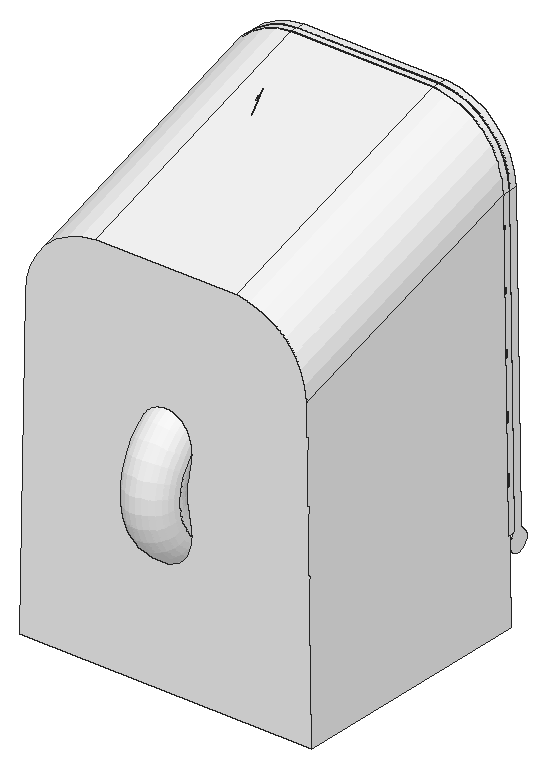
Revit family "Toilet-Elongated-DXV-Modulus-D23040A000.415", category Plumbing Fixtures, host Face, Revit 2014
Parameters (values of type "D23040A000.415")
  Width = 14 3/16"
  Waste Connection Radius = 1 1/8"
  Waste Connection Diameter = Waste Connection Radius * 2  # 2 1/4"
  Waste Connection = yes
  WFU = 10
  Vent Connection = no
  URL = "https://www.dxv.com/"
  Type Comments = ""
  Product Page URL = "https://www.dxv.com/product/dxv-modulus-wall-mounted-elongated-toilet"
  Product Documentation Link = "https://dxv01.blob.core.windows.net/dxv-product-pdf-files/spec_D23040A000_DXV_Modulus_wallmt_toilet_EN.pdf"
  Price = "Prices may vary. Please consult Manufacturer Representative for most up-to-date price list."  # constant formula
  Model = "D23040A000.415"
  Material = "Vitreous China-DXV-415-Canvas White"
  Manufacturer = "DXV"
  Length = 22"
  Installation Type = "Wall Mounted"
  Height = 13 3/4"
  HWFU = 0
  HW Connection = no
  Flush Rate = "1.6-0.8 gpf (6.0-3.0 Lpf)"
  Finish = Vitreous China-DXV-415-Canvas White
  Description = "DXV Modulus Wall-Mount Dual Flush Toilet"
  Default Elevation = 15"
  Creation Date = "09/12/2017"  # constant formula
  Cold Water Connection Radius = 3/4"
  Cold Water Connection Diameter = Cold Water Connection Radius * 2  # 1 1/2"
  CWFU = 10
  CW Connection = yes
  Bowl Shape = "Elongated"
  Assembly Code = "D2010110"
  5026A10G.415 Toilet Seat = yes
Reference planes (in)
  plane 1 "Center (Front/Back)": y = 0
  plane 2: z = 0
  plane 3 "Center (Left/Right)": x = 0
  plane 4: z = 22
  plane 5: x = -7.09375
  plane 6: x = 7.09375
  plane 7: y = -11.8125
  plane 8: y = -13.75
  plane 9: z = 18.25
  plane 10: z = 3.5
  plane 11: x = 2.75
  plane 12: x = -2.75
  plane 13: y = -19
  plane 14: y = -5.98697
  plane 15: y = -1.22573
Forms (in)
  Blend 1, solid, material "Vitreous China-DXV-415-Canvas White" <- "Finish"
    base sketch origin (0, 0, 0) x (1, 0, 0) y (0, 0, 1)
      loop
        line (-6.96568, 0) -> (7.02823, 0) -> (6.77086, 14.74519)
        arc (6.77086, 14.74519) -> (5.77183, 17.13315) -> (3.40514, 18.18155) r 3.5
        arc (3.40514, 18.18155) -> (0.0326, 18.24663) -> (-3.33998, 18.18402) r 89.10751
        arc (-3.33998, 18.18402) -> (-5.70834, 17.13643) -> (-6.70826, 14.74756) r 3.5
        line (-6.70826, 14.74756) -> (-6.96568, 0)
    top sketch origin (0, 0, 0) x (1, 0, 0) y (0, 0, 1)
      loop
        line (7.09375, 0) -> (6.77086, 18.49855)
        arc (6.77086, 18.49855) -> (5.77183, 20.88651) -> (3.40514, 21.93491) r 3.5
        arc (3.40514, 21.93491) -> (0, 22) -> (-3.40514, 21.93491) r 89.10751
        arc (-3.40514, 21.93491) -> (-5.77183, 20.88651) -> (-6.77086, 18.49855) r 3.5
        line (-6.77086, 18.49855) -> (-7.09375, 0) -> (7.09375, 0)
    from 11.8125 to 0
  Extrusion 2, void
    sketch origin (0, 0, 0) x (1, 0, 0) y (0, 0, 1)
      loop
        circle (2.75, 3.5) r 0.3
      loop
        circle (-2.75, 3.5) r 0.3
    from 0 to 0.70646
  Blend 3, void
    base sketch origin (0, 0, 0) x (1, 0, 0) y (0, 0, 1)
      loop
        arc (-2.58583, 7.75805) -> (-2.43938, 7.4045) -> (-2.08583, 7.25805) r 0.5
        line (-2.08583, 7.25805) -> (2.08583, 7.25805)
        arc (2.08583, 7.25805) -> (2.43938, 7.4045) -> (2.58583, 7.75805) r 0.5
        line (2.58583, 7.75805) -> (2.58583, 10.00805)
        arc (2.58583, 10.00805) -> (2.16613, 11.79212) -> (0.99507, 13.20197) r 4.00174
        arc (0.99507, 13.20197) -> (0, 13.53538) -> (-0.99507, 13.20197) r 1.65161
        arc (-0.99507, 13.20197) -> (-2.16613, 11.79212) -> (-2.58583, 10.00805) r 4.00174
        line (-2.58583, 10.00805) -> (-2.58583, 7.75805)
    top sketch origin (0, 0, 0) x (1, 0, 0) y (0, 0, 1)
      loop
        arc (3.23679, 19.92584) -> (-0.00075, 20.19115) -> (-3.23827, 19.9256) r 19.87746
        arc (-3.23827, 19.9256) -> (-4.6279, 19.15855) -> (-5.22402, 17.68747) r 2.375
        line (-5.22402, 17.68747) -> (-5.62051, 8.74025)
        arc (-5.62051, 8.74025) -> (-4.86033, 6.7175) -> (-2.87321, 5.86851) r 2.75
        line (-2.87321, 5.86851) -> (2.87321, 5.86851)
        arc (2.87321, 5.86851) -> (4.86033, 6.7175) -> (5.62051, 8.74025) r 2.75
        line (5.62051, 8.74025) -> (5.22408, 17.68615)
        arc (5.22408, 17.68615) -> (4.62749, 19.15831) -> (3.23679, 19.92584) r 2.37663
    from 10.8176 to 0
  Sweep 4, solid, material "Vitreous China-DXV-415-Canvas White" <- "Finish"
    path origin (0, -0.01822, 0) x (0, 1, 0) y (0, 0, 1)
      loop
        arc (-11.41832, 12.32602) -> (-13.75161, 8.82602) -> (-11.41832, 5.32602) r 3.79169
        line (-11.41832, 5.32602) -> (-9.71407, 4.61588)
        arc (-9.71407, 4.61588) -> (-7.92437, 3.14237) -> (-7.25259, 0.9236) r 4
        line (-7.25259, 0.9236) -> (-7.25259, 0)
    profile origin (0, -13.76983, 8.82602) x (1, 0, 0) y (0, 1, 0)
      loop
        circle (0, 1.25) r 1.25
  Extrusion 5, solid, material "Vitreous China-DXV-415-Canvas White" <- "Finish"
    sketch origin (0, 0, 0) x (1, 0, 0) y (0, 1, 0)
      loop
        circle (0, -1.22573) r 0.75
    from 0 to 0.35238
  Extrusion 6, solid, material "Vitreous China-DXV-415-Canvas White" <- "Finish"
    sketch origin (0, 0, 0) x (1, 0, 0) y (0, 1, 0)
      loop
        circle (0, -5.98697) r 1.25
    from 0 to 0.15176
  Extrusion 7, solid, material "Plastic-DXV-415-Canvas White", visible <- "5026A10G.415 Toilet Seat"
    sketch origin (0, -16.51473, -6.25) x (0, 0, -1) y (0, 1, 0)
      loop
        arc (-10.21953, 16.88788) -> (-9.25245, 17.01036) -> (-10.17657, 17.3206) r 0.5
        arc (-10.17657, 17.3206) -> (-10.24429, 17.25539) -> (-10.33525, 17.23163) r 0.186
        line (-10.33525, 17.23163) -> (-29.02212, 17.23163) -> (-29.02212, 16.88788) -> (-10.21953, 16.88788)
    from -7.78125 to 7.78125
  Extrusion 8, void
    sketch origin (0, -16.51473, -6.25) x (1, 0, 0) y (0, 0, -1)
      loop
        line (-8.9375, -9.01529) -> (-8.9375, -29.4375) -> (9.0625, -29.4375) -> (9.0625, -9.01529) -> (7.04548, -9.01529) -> (6.77086, -24.74855)
        arc (6.77086, -24.74855) -> (5.77183, -27.13651) -> (3.40514, -28.18491) r 3.5
        arc (3.40514, -28.18491) -> (0, -28.25) -> (-3.40514, -28.18491) r 89.10751
        arc (-3.40514, -28.18491) -> (-5.77183, -27.13651) -> (-6.77086, -24.74855) r 3.5
        line (-6.77086, -24.74855) -> (-7.04548, -9.01529) -> (-8.9375, -9.01529)
    from 16.5 to 17.63908
  Extrusion 9, solid, material "Plastic-DXV-415-Canvas White", visible <- "5026A10G.415 Toilet Seat"
    sketch origin (0, -16.51473, -6.25) x (1, 0, 0) y (0, 0, -1)
      loop
        line (-7.02517, -10.1791) -> (-6.77086, -24.74855)
        arc (-6.77086, -24.74855) -> (-5.77183, -27.13651) -> (-3.40514, -28.18491) r 3.5
        arc (-3.40514, -28.18491) -> (0, -28.25) -> (3.40514, -28.18491) r 89.10751
        arc (3.40514, -28.18491) -> (5.77183, -27.13651) -> (6.77086, -24.74855) r 3.5
        line (6.77086, -24.74855) -> (7.02517, -10.1791) -> (-7.02517, -10.1791)
      loop
        line (5.22408, -23.93615) -> (5.62051, -14.99025)
        arc (5.62051, -14.99025) -> (4.86033, -12.9675) -> (2.87321, -12.11851) r 2.75
        line (2.87321, -12.11851) -> (-2.87321, -12.11851)
        arc (-2.87321, -12.11851) -> (-4.86033, -12.9675) -> (-5.62051, -14.99025) r 2.75
        line (-5.62051, -14.99025) -> (-5.22402, -23.93747)
        arc (-5.22402, -23.93747) -> (-4.6279, -25.40855) -> (-3.23827, -26.1756) r 2.375
        arc (-3.23827, -26.1756) -> (-0.00075, -26.44115) -> (3.23679, -26.17584) r 19.87746
        arc (3.23679, -26.17584) -> (4.62749, -25.40831) -> (5.22408, -23.93615) r 2.37663
    from 16.51473 to 16.8145
Cuts and joins
  Extrusion 2, Blend 3 cuts Blend 1
  Blend 3 cuts Sweep 4
  joined: Blend 1, Sweep 4, Extrusion 5, Extrusion 6
  Extrusion 8 cuts Extrusion 7
Lines and regions (in)
  Masking region 1
    outline origin (0, 0, 0) x (1, 0, 0) y (0, 0, 1)
      loop
        arc (3.40514, 21.93491) -> (0, 22) -> (-3.40514, 21.93491) r 89.10751
        arc (-3.40514, 21.93491) -> (-5.77183, 20.88651) -> (-6.77086, 18.49855) r 3.5
        line (-6.77086, 18.49855) -> (-7.09375, 0) -> (7.09375, 0) -> (6.77086, 18.49855)
        arc (6.77086, 18.49855) -> (5.77183, 20.88651) -> (3.40514, 21.93491) r 3.5
  Masking region 2, visible <- "5026A10G.415 Toilet Seat", detail levels medium+fine
    outline origin (0, 0, 0) x (1, 0, 0) y (0, 0, 1)
      loop
        arc (6.77086, 18.49855) -> (5.77183, 20.88651) -> (3.40514, 21.93491) r 3.5
        arc (3.40514, 21.93491) -> (0, 22) -> (-3.40514, 21.93491) r 89.10751
        arc (-3.40514, 21.93491) -> (-5.77183, 20.88651) -> (-6.77086, 18.49855) r 3.5
        line (-6.77086, 18.49855) -> (-7.04138, 3.00021) -> (7.04138, 3.00021) -> (6.77086, 18.49855)
  symbolic lines, detail levels medium+fine
    curve 1: arc (5.22408, 0, 17.68615) -> (4.62749, 0, 19.15831) -> (3.23679, 0, 19.92584) r 2.37663
    curve 2: arc (3.23679, 0, 19.92584) -> (-0.00075, 0, 20.19115) -> (-3.23827, 0, 19.9256) r 19.87746
    curve 3: arc (-3.23827, 0, 19.9256) -> (-4.6279, 0, 19.15855) -> (-5.22402, 0, 17.68747) r 2.375
    curve 4: line (-5.22402, 0, 17.68747) -> (-5.62051, 0, 8.74025)
    curve 5: arc (-5.62051, 0, 8.74025) -> (-4.86033, 0, 6.7175) -> (-2.87321, 0, 5.86851) r 2.75
    curve 6: line (-2.87321, 0, 5.86851) -> (2.87321, 0, 5.86851)
    curve 7: arc (2.87321, 0, 5.86851) -> (4.86033, 0, 6.7175) -> (5.62051, 0, 8.74025) r 2.75
    curve 8: line (5.62051, 0, 8.74025) -> (5.22408, 0, 17.68615)
  symbolic lines, detail levels fine
    curve 9: circle (2.75, 0, 3.5) r 0.3 normal (0, -1, 0)
    curve 10: circle (-2.75, 0, 3.5) r 0.3 normal (0, -1, 0)
    curve 11: arc (-2.08583, 0, 7.25805) -> (-2.43938, 0, 7.4045) -> (-2.58583, 0, 7.75805) r 0.5
    curve 12: line (2.08583, 0, 7.25805) -> (-2.08583, 0, 7.25805)
    curve 13: line (-2.58583, 0, 7.75805) -> (-2.58583, 0, 10.00805)
    curve 14: arc (-2.58583, 0, 10.00805) -> (-2.16613, 0, 11.79212) -> (-0.99507, 0, 13.20197) r 4.00174
    curve 15: arc (-0.99507, 0, 13.20197) -> (0, 0, 13.53538) -> (0.99507, 0, 13.20197) r 1.65161
    curve 16: arc (0.99507, 0, 13.20197) -> (2.16613, 0, 11.79212) -> (2.58583, 0, 10.00805) r 4.00174
    curve 17: line (2.58583, 0, 10.00805) -> (2.58583, 0, 7.75805)
    curve 18: arc (2.58583, 0, 7.75805) -> (2.43938, 0, 7.4045) -> (2.08583, 0, 7.25805) r 0.5
Dimensions and locks (in)
  plane 1 "Center (Front/Back)" to plane 7 = 11 13/16"
  plane 1 "Center (Front/Back)" to plane 8 = 13 3/4"
  plane 1 "Center (Front/Back)" to plane 13 = 19"
  aligned and locked: plane 2 to host face
  aligned and locked: level to host face
Connectors (in)
  piping at (0, -1.22573, 0), diameter 1.5, driven by "CWFU", driven by "Cold Water Connection Diameter"
    settings: on Extrusion 5, index 1, connector inside diameter 24", connector length 0", flow factor 0, pipe flow 0 GPM, pressure drop 0.00 psi, fitting loss kfactor 0, connector angle 0.00°, fixture units 10, engagement length 0", angle of deflection 0.00°, flow configuration 3, flow direction 1, fitting loss method 0, system type 20, joint type 0, gender type 0, connector reference index -1, connector utility 0, adjustable connector no, is connector primary yes, connector description "1-1/2\" CW Inlet Supply"
  piping at (0, -5.98697, 0), diameter 2.25, driven by "Waste Connection Diameter", driven by "WFU"
    settings: on Extrusion 6, index 2, connector inside diameter 24", connector length 0", flow factor 0, pipe flow 0 GPM, pressure drop 0.00 psi, fitting loss kfactor 0, connector angle 0.00°, fixture units 10, engagement length 0", angle of deflection 0.00°, flow configuration 3, flow direction 2, fitting loss method 0, system type 16, joint type 0, gender type 0, connector reference index -1, connector utility 0, adjustable connector yes, is connector primary no, connector description "2-1/4\" Waste Outlet"
